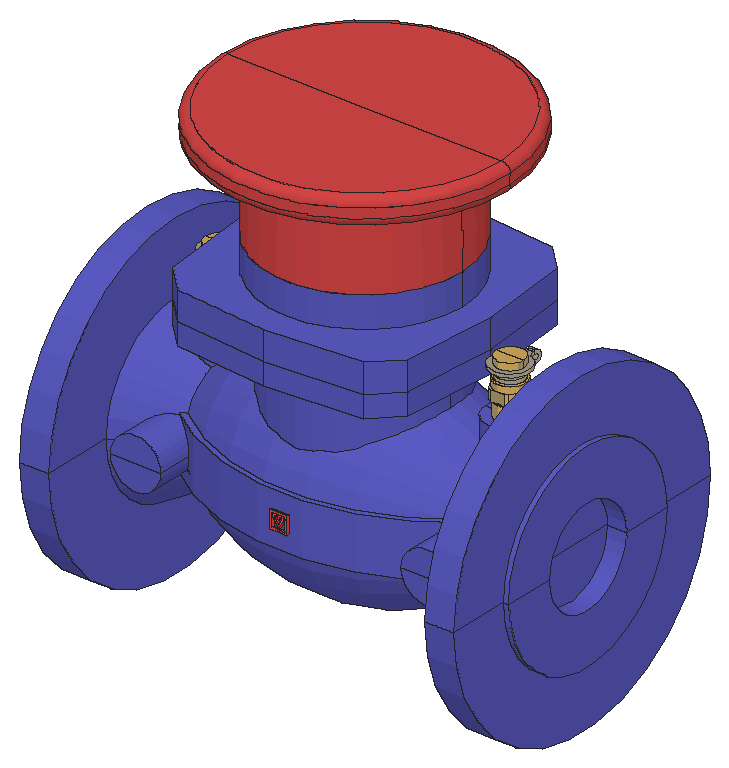
Revit family "HERZ Strömax Балансировочный клапан с измерительными клапанами, шпиндель прямой 4218 GF", category Rohrzubehör, Revit 2018
Family settings
  Bemaßung runder Anschluss = Durchmesser verwenden
  Teiletyp = Unterbricht
  OmniClass-Nummer = 23.65.55.14
  OmniClass-Titel = Valves for Liquid Services
  Arbeitsebenenbasiert = Nein
  Immer vertikal = Ja
  Beim Laden mit Abzugskörper schneiden = Nein
  Gemeinsam genutzt = Nein
Parameters
  Среда = "Допускается использование этилен- и пропиленгликоля в концентрации смеси 25-50% объема.\r\nКачество теплоносителя согласно ÖNORM H 5195 и VDI 2035."
  Область применения = "Для гидравлической балансировки в системах отопления или охлаждения, регулирования и перекрытия трубопроводов, стояков, теплообменников, тепловых и холодильных регистров."
  Номер заказа [instance] = size_lookup("4218_GF_", "Artnr", 0, Nennweite)  # 1421880
  Мин. рабочая температура = -10 °C  # constant formula
  Макс. рабочее давление = 1600000.0 Pa  # constant formula
  Макс. рабочая температура = 110 °C  # constant formula
  Корпус = "чугун GJL 250 по EN 1561"  # constant formula
  Исполнение = "Балансировочный клапан STRÖMAX-GF с измерительными клапанами DN 50 - 300:\r\nПрямой шпиндель, корпус из серого чугуна GJL 250 по EN 1561, фланец согласно EN 1092, PN 16, окрашен в синий цвет.\r\nБукса из серого чугуна GJL 250, с неподнимающимся шпинделем, уплотнение шпинделя с помощью тройного кольцевого уплотнения Цифровой указатель ступеней предварительной настройки."
  Измерение перепада давления = "Балансировочный клапан Strömax GF оборудован двумя измерительными клапанами:\r\nпри использовании соответствующего измерительного прибора можно измерить перепад давления и благодаря этому можно соответственно определить расход в зависимости от степени настройки.\r\nКроме того, с HERZ измерительного компьютера можно непосредственно считывать показания расхода (см. инструкцию).\r\nПри использовании этиленгликоля, как средства от замерзания, меняется плотность теплоносителя, которую обязательно необходимо учитывать при измерениях перепада давления."
  Букса = "чугун GJL 250 по EN 1561"  # constant formula
  kvs-значения [instance] = if(Nennweite = 50.00 mm, 34.96, if(Nennweite = 65.00 mm, 66.94, if(Nennweite = 80.00 mm, 106.78, if(Nennweite = 100.00 mm, 169.45, if(Nennweite = 125.00 mm, 255.79, if(Nennweite = 150.00 mm, 389.54, if(Nennweite = 200.00 mm, 676.33, if(Nennweite = 250.00 mm, 1082.72, if(Nennweite = 300.00 mm, 1784.91, 0)))))))))  # 34.96
  Счетное устройство = "пластмасса"  # constant formula
  W02 = 60.00°  # constant formula
  W01 = 85.00°  # constant formula
  Кегель клапана = "чугун GJL 250 по EN 1561/ EPDM с покрытием"  # constant formula
  S01 [instance] = Nennweite + 10.00 mm  # 60.00 mm
  Регулировочный шпиндель = "латунь / нержавеющая сталь"  # constant formula
  Шпиндель (DN50 - DN100) = "латунь"  # constant formula
  O-Ring = "EPDM"  # constant formula
  URL = "www.herz-armaturen.ru"
  SCRNSEQ = "ARM;ARM_TYP=\"STRV\";2"
  SCRNCODE = "05;07;02"  # constant formula
  R02 [instance] = size_lookup("4218_GF_", "R2", 1.00 mm, Nennweite)  # 12.50 mm
  R01 [instance] = size_lookup("4218_GF_", "R1", 1.00 mm, Nennweite)  # 13.00 mm
  Шпиндель (DN125 - DN300) = "нержавеющая сталь"  # constant formula
  Nennweite [instance] = 50.00 mm
  L04 [instance] = size_lookup("4218_GF_", "L4", 1.00 mm, Nennweite)  # 75.00 mm
  L03 [instance] = if(Nennweite = 50.00 mm, 48.00 mm, if(Nennweite = 65.00 mm, 52.00 mm, if(Nennweite = 80.00 mm, 60.00 mm, if(Nennweite = 100.00 mm, 75.00 mm, 15.00 mm))))  # 48.00 mm
  L02 [instance] = size_lookup("4218_GF_", "L2", 1.00 mm, Nennweite)  # 75.00 mm
  L01 [instance] = size_lookup("4218_GF_", "L1", 1.00 mm, Nennweite)  # 70.00 mm
  L00 [instance] = size_lookup("4218_GF_", "L", 1.00 mm, Nennweite)  # 230.00 mm
  Hersteller = "HERZ Armaturen Ges.m.b.H."  # constant formula
  H09 [instance] = H08 + H02  # 109.00 mm
  H08 [instance] = size_lookup("4218_GF_", "H8", 1.00 mm, Nennweite)  # 31.00 mm
  H07 [instance] = H02 + H06  # 93.00 mm
  H06 [instance] = size_lookup("4218_GF_", "H6", 1.00 mm, Nennweite)  # 15.00 mm
  H05 [instance] = size_lookup("4218_GF_", "H5", 1.00 mm, Nennweite)  # 51.50 mm
  H04 [instance] = H02 - H03  # 67.00 mm
  H03 [instance] = size_lookup("4218_GF_", "H3", 1.00 mm, Nennweite)  # 11.00 mm
  H02 [instance] = size_lookup("4218_GF_", "H2", 1.00 mm, Nennweite)  # 78.00 mm
  H01 [instance] = size_lookup("4218_GF_", "H1", 1.00 mm, Nennweite)  # 54.00 mm
  GT = 10.00 mm  # constant formula
  FLL02 [instance] = size_lookup("4218_GF_", "FLL2", 1.00 mm, Nennweite)  # 15.00 mm
  FLL01 [instance] = size_lookup("4218_GF_", "FLL1", 1.00 mm, Nennweite)  # 3.00 mm
  FLD03 [instance] = size_lookup("4218_GF_", "FLD3", 1.00 mm, Nennweite)  # 30.20 mm
  FLD02 [instance] = size_lookup("4218_GF_", "FLD2", 1.00 mm, Nennweite)  # 46.00 mm
  FLD01 [instance] = size_lookup("4218_GF_", "FLD1", 1.00 mm, Nennweite)  # 51.00 mm
  FLD00 [instance] = size_lookup("4218_GF_", "FLD", 1.00 mm, Nennweite)  # 82.50 mm
  DN80-DN100 [instance] = or(Nennweite = 80.00 mm, Nennweite = 100.00 mm)  # no
  DN80 [instance] = Nennweite = 80.00 mm  # no
  DN65 [instance] = Nennweite = 65.00 mm  # no
  DN50-DN65 [instance] = or(Nennweite = 50.00 mm, Nennweite = 65.00 mm)  # yes
  DN50-DN100 [instance] = or(Nennweite = 50.00 mm, Nennweite = 65.00 mm, Nennweite = 80.00 mm, Nennweite = 100.00 mm)  # yes
  DN50 [instance] = Nennweite = 50.00 mm  # yes
  DN300 [instance] = Nennweite = 300.00 mm  # no
  DN250 [instance] = Nennweite = 250.00 mm  # no
  DN200-DN300 [instance] = or(Nennweite = 200.00 mm, Nennweite = 250.00 mm, Nennweite = 300.00 mm)  # no
  DN200 [instance] = Nennweite = 200.00 mm  # no
  DN150 [instance] = Nennweite = 150.00 mm  # no
  DN125-DN300 [instance] = or(Nennweite = 125.00 mm, Nennweite = 150.00 mm, Nennweite = 200.00 mm, Nennweite = 250.00 mm, Nennweite = 300.00 mm)  # no
  DN125-DN150 [instance] = or(Nennweite = 125.00 mm, Nennweite = 150.00 mm)  # no
  DN125 [instance] = Nennweite = 125.00 mm  # no
  DN100 [instance] = Nennweite = 100.00 mm  # no
  D03 [instance] = size_lookup("4218_GF_", "D3", 1.00 mm, Nennweite)  # 50.50 mm
  D02 [instance] = size_lookup("4218_GF_", "D2", 1.00 mm, Nennweite)  # 65.00 mm
  D01 [instance] = size_lookup("4218_GF_", "D1", 1.00 mm, Nennweite)  # 44.50 mm
  D00 [instance] = size_lookup("4218_GF_", "D", 1.00 mm, Nennweite)  # 54.00 mm
  BH02 [instance] = -BH01  # -13.50 mm
  BH01 [instance] = size_lookup("4218_GF_", "BH1", 1.00 mm, Nennweite)  # 13.50 mm
  Anschluss [instance] = Nennweite / 2  # 25.00 mm
Reference planes
  plane 1 "Mitte (Vorne/hinten)": y = 0
  plane 2: z = 0
  plane 3 "Mitte (Links/rechts)": x = 0
Forms (mm)
  Revolve 1, solid, material "Herz-Marineblau", detail levels fine
    sketch origin (1058.943, 0, 0) x (1, 0, 0) y (0, 1, 0)
      loop
        line (-1170.943, 82.5) -> (-1170.943, 51) -> (-1173.943, 51) -> (-1173.943, 25) -> (-1163.943, 25) -> (-1163.943, 0) -> (-953.943, 0) -> (-953.943, 25) -> (-943.943, 25) -> (-943.943, 51) -> (-946.943, 51) -> (-946.943, 82.5) -> (-961.943, 82.5) -> (-961.943, 46) -> (-988.943, 30.2)
        arc (-988.943, 30.2) -> (-1058.943, 54) -> (-1128.943, 30.2) r 114.841
        line (-1128.943, 30.2) -> (-1155.943, 46) -> (-1155.943, 82.5) -> (-1170.943, 82.5)
      axis (-1173.943, 0) -> (-943.943, 0)
    angle from 0 to 360
  Revolve 2, solid, material "Herz-Marineblau", detail levels fine
    sketch origin (0, 0, 0) x (1, 0, 0) y (0, 1, 0)
      loop
        line (-75, 54) -> (-88, 54) -> (-88, -54) -> (-75, -54) -> (-75, 54)
      axis (-75, 54) -> (-75, -54)
    angle from 0 to 360
  Revolve 3, solid, material "Herz-Marineblau", detail levels fine
    sketch origin (0, 0, 0) x (-1, 0, 0) y (0, 1, 0)
      loop
        line (-75, 54) -> (-88, 54) -> (-88, -54) -> (-75, -54) -> (-75, 54)
      axis (-75, 54) -> (-75, -54)
    angle from 0 to 360
  Revolve 4, solid, material "Herz-Marineblau", visible <- "DN125-DN300", detail levels fine
    sketch origin (0, 0, 0) x (1, 0, 0) y (0, 0, 1)
      loop
        line (0, 0) -> (0, 78) -> (-65, 78) -> (-65, 67) -> (-44.5, 67) -> (-44.5, 0) -> (0, 0)
      axis (0, 78) -> (0, 0)
    angle from 0 to 360
  Revolve 5, solid, material "Herz-Marineblau", visible <- "DN50-DN100", detail levels fine
    sketch origin (0, 0, 0) x (1, 0, 0) y (0, 0, 1)
      loop
        line (0, 0) -> (0, 67) -> (-44.5, 67) -> (-44.5, 0) -> (0, 0)
      axis (0, 67) -> (0, 0)
    angle from 0 to 360
  Extrusion 6, solid, material "Herz-Marineblau", visible <- "DN50-DN100", detail levels fine
    sketch origin (0, 0, 0) x (1, 0, 0) y (0, 1, 0)
      loop
        line (0, 65) -> (-48, 60.801) -> (-60.801, 48) -> (-65, 0) -> (-60.801, -48) -> (-48, -60.801) -> (0, -65) -> (48, -60.801) -> (60.801, -48) -> (65, 0) -> (60.801, 48) -> (48, 60.801) -> (0, 65)
    from 67 <- "H04" to 78 <- "H02"
  Revolve 7, solid, material "Herz-Marineblau", detail levels fine
    sketch origin (0, 0, 0) x (1, 0, 0) y (0, 0, 1)
      loop
        line (-75, 0) -> (-75, 51.5) -> (-87.5, 51.5) -> (-87.5, 0) -> (-75, 0)
      axis (-75, 51.5) -> (-75, 0)
    angle from 0 to 360
  Revolve 8, solid, material "Herz-Marineblau", detail levels fine
    sketch origin (0, 0, 0) x (-1, 0, 0) y (0, 0, 1)
      loop
        line (-75, 0) -> (-75, 51.5) -> (-87.5, 51.5) -> (-87.5, 0) -> (-75, 0)
      axis (-75, 51.5) -> (-75, 0)
    angle from 0 to 360
  Extrusion 9, solid, material "Herz-Marineblau", visible <- "DN50", detail levels fine
    sketch origin (0, 0, 0) x (1, 0, 0) y (0, 1, 0)
      loop
        line (-75, 27.444) -> (-75, -27.444)
        arc (-75, -27.444) -> (0, -55) -> (75, -27.444) r 115.842
        line (75, -27.444) -> (75, 27.444)
        arc (75, 27.444) -> (0, 55) -> (-75, 27.444) r 115.842
    from -13.5 <- "BH02" to 13.5 <- "BH01"
  Extrusion 10, solid, material "Herz-Marineblau", visible <- "DN65", detail levels fine
    sketch origin (0, 0, 0) x (1, 0, 0) y (0, 1, 0)
      loop
        arc (-89, -45.667) -> (0, -68.022) -> (89, -45.667) r 188.34
        line (89, -45.667) -> (89, 45.667)
        arc (89, 45.667) -> (0, 68.022) -> (-89, 45.667) r 188.34
        line (-89, 45.667) -> (-89, -45.667)
    from -13.5 <- "BH02" to 13.5 <- "BH01"
  Extrusion 11, solid, material "Herz-Marineblau", visible <- "DN80", detail levels fine
    sketch origin (0, 0, 0) x (1, 0, 0) y (0, 1, 0)
      loop
        arc (-100, -48.604) -> (0, -75.01) -> (100, -48.604) r 202.557
        line (100, -48.604) -> (100, 48.604)
        arc (100, 48.604) -> (0, 75.01) -> (-100, 48.604) r 202.557
        line (-100, 48.604) -> (-100, -48.604)
    from -13.5 <- "BH02" to 13.5 <- "BH01"
  Extrusion 12, solid, material "Herz-Marineblau", visible <- "DN100", detail levels fine
    sketch origin (0, 0, 0) x (1, 0, 0) y (0, 1, 0)
      loop
        arc (-118, -60.889) -> (0, -83.721) -> (118, -60.889) r 316.34
        line (118, -60.889) -> (118, 60.889)
        arc (118, 60.889) -> (0, 83.721) -> (-118, 60.889) r 316.34
        line (-118, 60.889) -> (-118, -60.889)
    from -13.5 <- "BH02" to 13.5 <- "BH01"
  Extrusion 13, solid, material "Herz-Marineblau", visible <- "DN125", detail levels fine
    sketch origin (0, 0, 0) x (1, 0, 0) y (0, 1, 0)
      loop
        arc (-140, -75.261) -> (0, -118.541) -> (140, -75.261) r 248.073
        line (140, -75.261) -> (140, 75.261)
        arc (140, 75.261) -> (0, 118.541) -> (-140, 75.261) r 248.073
        line (-140, 75.261) -> (-140, -75.261)
    from -13.5 <- "BH02" to 13.5 <- "BH01"
  Extrusion 14, solid, material "Herz-Marineblau", visible <- "DN150", detail levels fine
    sketch origin (0, 0, 0) x (1, 0, 0) y (0, 1, 0)
      loop
        arc (-170, -94.727) -> (0, -138.5) -> (170, -94.727) r 352.003
        line (170, -94.727) -> (170, 94.727)
        arc (170, 94.727) -> (0, 138.5) -> (-170, 94.727) r 352.003
        line (-170, 94.727) -> (-170, -94.727)
    from -13.5 <- "BH02" to 13.5 <- "BH01"
  Extrusion 15, solid, material "Herz-Marineblau", visible <- "DN200", detail levels fine
    sketch origin (0, 0, 0) x (1, 0, 0) y (0, 1, 0)
      loop
        arc (-200, -127.319) -> (0, -163.032) -> (200, -127.319) r 577.879
        line (200, -127.319) -> (200, 127.319)
        arc (200, 127.319) -> (0, 163.032) -> (-200, 127.319) r 577.879
        line (-200, 127.319) -> (-200, -127.319)
    from -13.5 <- "BH02" to 13.5 <- "BH01"
  Extrusion 16, solid, material "Herz-Marineblau", visible <- "DN250", detail levels fine
    sketch origin (0, 0, 0) x (1, 0, 0) y (0, 1, 0)
      loop
        arc (-250, -153.89) -> (0, -191.531) -> (250, -153.89) r 849.033
        line (250, -153.89) -> (250, 153.89)
        arc (250, 153.89) -> (0, 191.531) -> (-250, 153.89) r 849.033
        line (-250, 153.89) -> (-250, -153.89)
    from -13.5 <- "BH02" to 13.5 <- "BH01"
  Extrusion 17, solid, material "Herz-Marineblau", visible <- "DN300", detail levels fine
    sketch origin (0, 0, 0) x (1, 0, 0) y (0, 1, 0)
      loop
        arc (-300, -192.377) -> (0, -268.099) -> (300, -192.377) r 632.133
        line (300, -192.377) -> (300, 192.377)
        arc (300, 192.377) -> (0, 268.099) -> (-300, 192.377) r 632.133
        line (-300, 192.377) -> (-300, -192.377)
    from -13.5 <- "BH02" to 13.5 <- "BH01"
  Extrusion 18, solid, material "Herz-Marineblau", visible <- "DN50-DN100", detail levels fine
    sketch origin (0, 0, 0) x (1, 0, 0) y (0, 1, 0)
      loop
        line (0, 65) -> (-48, 60.801) -> (-60.801, 48) -> (-65, 0) -> (-60.801, -48) -> (-48, -60.801) -> (0, -65) -> (48, -60.801) -> (60.801, -48) -> (65, 0) -> (60.801, 48) -> (48, 60.801) -> (0, 65)
    from 78 <- "H02" to 93 <- "H07"
  Revolve 19, solid, material "Herz-Marineblau", visible <- "DN125-DN300", detail levels fine
    sketch origin (0, 0, 0) x (1, 0, 0) y (0, 0, 1)
      loop
        line (0, 78) -> (0, 109) -> (-50.5, 109) -> (-50.5, 93) -> (-65, 93) -> (-65, 78) -> (0, 78)
      axis (0, 109) -> (0, 78)
    angle from 0 to 360
  Revolve 20, solid, material "Herz-Marineblau", visible <- "DN50-DN100", detail levels fine
    sketch origin (0, 0, 0) x (1, 0, 0) y (0, 0, 1)
      loop
        line (0, 93) -> (0, 109) -> (-50.5, 109) -> (-50.5, 93) -> (0, 93)
      axis (0, 109) -> (0, 93)
    angle from 0 to 360
Lines and regions (mm)
  model lines, detail levels coarse+medium
    curve 1: line (-115, 0, 82.5) -> (-115, 0, -82.5)
    curve 2: line (-115, 0, -82.5) -> (115, 0, 82.5)
    curve 3: line (115, 0, 82.5) -> (115, 0, -82.5)
    curve 4: line (115, 0, -82.5) -> (-115, 0, 82.5)
    curve 5: line (0, 0, 0) -> (62.931, 0, 109)
    curve 6: line (36.95, 0, 124) -> (88.912, 0, 94)
    curve 7: line (-115, 82.5, 0) -> (-115, -82.5, 0)
    curve 8: line (-115, -82.5, 0) -> (115, 82.5, 0)
    curve 9: line (115, 82.5, 0) -> (115, -82.5, 0)
    curve 10: line (115, -82.5, 0) -> (-115, 82.5, 0)
    curve 11: line (0, 0, 0) -> (62.931, 109, 0)
    curve 12: line (36.95, 124, 0) -> (88.912, 94, 0)
Dimensions and locks
  "FLD00": plane 1 "Mitte (Vorne/hinten)" to Revolve 1 sketch curve
  "FLD01": plane 1 "Mitte (Vorne/hinten)" to Revolve 1 sketch curve
  "FLD02": plane 1 "Mitte (Vorne/hinten)" to Revolve 1 sketch curve  (x2)
  "FLD03": plane 1 "Mitte (Vorne/hinten)" to Revolve 1 sketch curve  (x2)
  "GT": Revolve 1 sketch curve to Revolve 1 sketch curve  (x2)
  "FLL01": Revolve 1 sketch curve to Revolve 1 sketch curve  (x2)
  "FLL02": Revolve 1 sketch curve to Revolve 1 sketch curve  (x2)
  equal spacing: Revolve 1 sketch curve, plane 3 "Mitte (Links/rechts)", Revolve 1 sketch curve
  "Anschluss": Revolve 1 sketch curve to plane 1 "Mitte (Vorne/hinten)"
  "Anschluss": plane 1 "Mitte (Vorne/hinten)" to Revolve 1 sketch curve
  "FLD01": Revolve 1 sketch curve to plane 1 "Mitte (Vorne/hinten)"
  "FLD00": Revolve 1 sketch curve to plane 1 "Mitte (Vorne/hinten)"
  "L00": Revolve 1 sketch curve to Revolve 1 sketch curve
  "D00": plane 1 "Mitte (Vorne/hinten)" to Revolve 1 sketch curve
  "L01": Revolve 1 sketch curve to plane 3 "Mitte (Links/rechts)" to Revolve 1 sketch curve
  "L02": Revolve 2 sketch curve to plane 3 "Mitte (Links/rechts)"
  "R01": Revolve 2 sketch curve to Revolve 2 sketch curve
  "H01": Revolve 2 sketch curve to plane 1 "Mitte (Vorne/hinten)" to Revolve 2 sketch curve
  "L02": plane 3 "Mitte (Links/rechts)" to Revolve 3 sketch curve
  "R01": Revolve 3 sketch curve to Revolve 3 sketch curve
  "H01": Revolve 3 sketch curve to plane 1 "Mitte (Vorne/hinten)" to Revolve 3 sketch curve
  "H02": Revolve 4 sketch curve to plane 2
  "D01": Revolve 4 sketch curve to Revolve 4 sketch curve
  "D02": Revolve 4 sketch curve to Revolve 4 sketch curve
  "H03": Revolve 4 sketch curve to Revolve 4 sketch curve
  "H04": Revolve 5 sketch curve to plane 2
  "D01": Revolve 5 sketch curve to Revolve 5 sketch curve
  "D02": Extrusion 6 sketch curve to plane 3 "Mitte (Links/rechts)" to Extrusion 6 sketch curve
  "D02": Extrusion 6 sketch curve to plane 1 "Mitte (Vorne/hinten)" to Extrusion 6 sketch curve
  "L03": Extrusion 6 sketch curve to plane 3 "Mitte (Links/rechts)"  (x2)
  "L03": plane 3 "Mitte (Links/rechts)" to Extrusion 6 sketch curve  (x2)
  "L03": plane 1 "Mitte (Vorne/hinten)" to Extrusion 6 sketch curve  (x2)
  "L03": Extrusion 6 sketch curve to plane 1 "Mitte (Vorne/hinten)"  (x2)
  "L04": plane 3 "Mitte (Links/rechts)" to Revolve 7 sketch curve
  "R02": Revolve 7 sketch curve to Revolve 7 sketch curve
  "H05": Revolve 7 sketch curve to plane 2
  "R02": Revolve 8 sketch curve to Revolve 8 sketch curve
  "L04": Revolve 8 sketch curve to plane 3 "Mitte (Links/rechts)"
  "H05": Revolve 8 sketch curve to plane 2
  "L04": plane 3 "Mitte (Links/rechts)" to nested 1
  "L04": nested 2 to plane 3 "Mitte (Links/rechts)"
  "H05": nested 1 to plane 2
  "H05": nested 2 to plane 2
  "L03": Extrusion 18 sketch curve to plane 3 "Mitte (Links/rechts)"  (x2)
  "L03": plane 3 "Mitte (Links/rechts)" to Extrusion 18 sketch curve  (x2)
  "L03": plane 1 "Mitte (Vorne/hinten)" to Extrusion 18 sketch curve  (x2)
  "L03": Extrusion 18 sketch curve to plane 1 "Mitte (Vorne/hinten)"  (x2)
  "D02": Extrusion 18 sketch curve to plane 3 "Mitte (Links/rechts)" to Extrusion 18 sketch curve
  "D02": Extrusion 18 sketch curve to plane 1 "Mitte (Vorne/hinten)" to Extrusion 18 sketch curve
  "H02": Revolve 19 sketch curve to plane 2
  "H06": Revolve 19 sketch curve to Revolve 19 sketch curve
  "H08": Revolve 19 sketch curve to Revolve 19 sketch curve
  "D03": Revolve 19 sketch curve to Revolve 19 sketch curve
  "D02": Revolve 19 sketch curve to Revolve 19 sketch curve
  "D03": Revolve 20 sketch curve to Revolve 20 sketch curve
  "H07": Revolve 20 sketch curve to plane 2
  "H08": Revolve 20 sketch curve to Extrusion 18
  "H09": nested 12 to plane 2
  "H09": nested 13 to plane 2
  "H09": nested 14 to plane 2
  "H09": nested 15 to plane 2
  "FLD00": curve 4 to plane 2 to curve 2
  "FLD00": curve 3 to plane 2 to curve 4
  equal spacing: curve 1, plane 3 "Mitte (Links/rechts)", curve 3
  "L00": curve 1 to curve 3
  "H09": curve 5 to plane 2
  equal spacing: curve 1, curve 5, curve 3
  equal spacing: curve 6, curve 5, curve 6
  "S01": curve 6 to curve 6
  "FLD00": curve 8 to plane 1 "Mitte (Vorne/hinten)" to curve 10
  "FLD00": curve 10 to plane 1 "Mitte (Vorne/hinten)" to curve 9
  equal spacing: curve 7, plane 3 "Mitte (Links/rechts)", curve 9
  "L00": curve 7 to curve 9
  equal spacing: curve 7, curve 11, curve 9
  "H09": plane 1 "Mitte (Vorne/hinten)" to curve 11
  equal spacing: curve 12, curve 11, curve 12
  "S01": curve 12 to curve 12
  "W01": angle Extrusion 6 sketch curve to plane 3 "Mitte (Links/rechts)"  (x2)
  "W01": angle plane 3 "Mitte (Links/rechts)" to Extrusion 6 sketch curve  (x2)
  "W01": angle Extrusion 6 sketch curve to plane 1 "Mitte (Vorne/hinten)"  (x2)
  "W01": angle plane 1 "Mitte (Vorne/hinten)" to Extrusion 6 sketch curve  (x2)
  "W01": angle plane 1 "Mitte (Vorne/hinten)" to Extrusion 18 sketch curve  (x2)
  "W01": angle Extrusion 18 sketch curve to plane 1 "Mitte (Vorne/hinten)"  (x2)
  "W01": angle Extrusion 18 sketch curve to plane 3 "Mitte (Links/rechts)"  (x2)
  "W01": angle plane 3 "Mitte (Links/rechts)" to Extrusion 18 sketch curve  (x2)
  "W02": angle plane 2 to curve 5
  "W02": angle plane 1 "Mitte (Vorne/hinten)" to curve 11
  aligned and locked: level to plane 2
Automatic sketch dimensions
  Extrusion 9 sketch curve to plane 3 "Mitte (Links/rechts)" = 0.00 mm  (x2)
  Extrusion 9 sketch curve to plane 1 "Mitte (Vorne/hinten)" = 27.444 mm  (x2)
  Extrusion 9 sketch curve to plane 3 "Mitte (Links/rechts)" = 75.00 mm
  plane 1 "Mitte (Vorne/hinten)" to Extrusion 9 sketch curve = 60.843 mm
  Extrusion 9 sketch curve to plane 1 "Mitte (Vorne/hinten)" = 60.843 mm
  plane 1 "Mitte (Vorne/hinten)" to Extrusion 9 sketch curve = 27.444 mm
  Extrusion 10 sketch curve to plane 3 "Mitte (Links/rechts)" = 0.00 mm  (x2)
  plane 1 "Mitte (Vorne/hinten)" to Extrusion 10 sketch curve = 45.667 mm
  Extrusion 10 sketch curve to plane 3 "Mitte (Links/rechts)" = 89.00 mm
  Extrusion 10 sketch curve to Extrusion 10 sketch curve = 74.651 mm
  Extrusion 10 sketch curve to plane 1 "Mitte (Vorne/hinten)" = 120.318 mm
  Extrusion 10 sketch curve to plane 1 "Mitte (Vorne/hinten)" = 45.667 mm  (x2)
  Extrusion 11 sketch curve to plane 3 "Mitte (Links/rechts)" = 0.00 mm  (x2)
  plane 1 "Mitte (Vorne/hinten)" to Extrusion 11 sketch curve = 48.604 mm  (x2)
  Extrusion 11 sketch curve to plane 3 "Mitte (Links/rechts)" = 100.00 mm
  Extrusion 11 sketch curve to Extrusion 11 sketch curve = 78.943 mm
  Extrusion 11 sketch curve to plane 1 "Mitte (Vorne/hinten)" = 127.547 mm
  Extrusion 11 sketch curve to plane 1 "Mitte (Vorne/hinten)" = 48.604 mm
  Extrusion 12 sketch curve to plane 3 "Mitte (Links/rechts)" = 0.00 mm  (x2)
  Extrusion 12 sketch curve to plane 1 "Mitte (Vorne/hinten)" = 60.889 mm  (x2)
  Extrusion 12 sketch curve to plane 3 "Mitte (Links/rechts)" = 118.00 mm
  plane 1 "Mitte (Vorne/hinten)" to Extrusion 12 sketch curve = 232.619 mm
  Extrusion 12 sketch curve to Extrusion 12 sketch curve = 171.731 mm
  plane 1 "Mitte (Vorne/hinten)" to Extrusion 12 sketch curve = 60.889 mm
  Extrusion 13 sketch curve to plane 3 "Mitte (Links/rechts)" = 0.00 mm  (x2)
  Extrusion 13 sketch curve to plane 1 "Mitte (Vorne/hinten)" = 75.261 mm  (x2)
  Extrusion 13 sketch curve to plane 3 "Mitte (Links/rechts)" = 140.00 mm
  plane 1 "Mitte (Vorne/hinten)" to Extrusion 13 sketch curve = 129.532 mm
  Extrusion 13 sketch curve to plane 1 "Mitte (Vorne/hinten)" = 129.532 mm
  plane 1 "Mitte (Vorne/hinten)" to Extrusion 13 sketch curve = 75.261 mm
  Extrusion 14 sketch curve to plane 3 "Mitte (Links/rechts)" = 0.00 mm  (x2)
  plane 1 "Mitte (Vorne/hinten)" to Extrusion 14 sketch curve = 94.727 mm  (x2)
  Extrusion 14 sketch curve to plane 3 "Mitte (Links/rechts)" = 170.00 mm
  Extrusion 14 sketch curve to Extrusion 14 sketch curve = 118.776 mm
  Extrusion 14 sketch curve to plane 1 "Mitte (Vorne/hinten)" = 213.503 mm
  Extrusion 14 sketch curve to plane 1 "Mitte (Vorne/hinten)" = 94.727 mm
  Extrusion 15 sketch curve to plane 3 "Mitte (Links/rechts)" = 0.00 mm  (x2)
  Extrusion 15 sketch curve to plane 1 "Mitte (Vorne/hinten)" = 127.319 mm  (x2)
  Extrusion 15 sketch curve to plane 3 "Mitte (Links/rechts)" = 200.00 mm
  plane 1 "Mitte (Vorne/hinten)" to Extrusion 15 sketch curve = 414.847 mm
  Extrusion 15 sketch curve to Extrusion 15 sketch curve = 287.528 mm
  plane 1 "Mitte (Vorne/hinten)" to Extrusion 15 sketch curve = 127.319 mm
  Extrusion 16 sketch curve to plane 3 "Mitte (Links/rechts)" = 0.00 mm  (x2)
  Extrusion 16 sketch curve to plane 1 "Mitte (Vorne/hinten)" = 153.89 mm  (x2)
  Extrusion 16 sketch curve to plane 3 "Mitte (Links/rechts)" = 250.00 mm
  plane 1 "Mitte (Vorne/hinten)" to Extrusion 16 sketch curve = 657.503 mm
  Extrusion 16 sketch curve to Extrusion 16 sketch curve = 503.613 mm
  plane 1 "Mitte (Vorne/hinten)" to Extrusion 16 sketch curve = 153.89 mm
  Extrusion 17 sketch curve to plane 3 "Mitte (Links/rechts)" = 0.00 mm  (x2)
  Extrusion 17 sketch curve to plane 1 "Mitte (Vorne/hinten)" = 192.377 mm  (x2)
  Extrusion 17 sketch curve to plane 3 "Mitte (Links/rechts)" = 300.00 mm
  plane 1 "Mitte (Vorne/hinten)" to Extrusion 17 sketch curve = 364.034 mm
  Extrusion 17 sketch curve to Extrusion 17 sketch curve = 171.657 mm
  plane 1 "Mitte (Vorne/hinten)" to Extrusion 17 sketch curve = 192.377 mm
  plane 1 "Mitte (Vorne/hinten)" to Revolve 1 sketch curve = 0.00 mm  (x2)
  Revolve 1 sketch curve to Revolve 1 sketch curve = 35.00 mm
  Revolve 1 sketch curve to Revolve 1 sketch curve = 30.00 mm
  Revolve 2 sketch curve to Revolve 2 sketch curve = 0.00 mm  (x3)
  Revolve 3 sketch curve to Revolve 3 sketch curve = 0.00 mm  (x3)
  Revolve 4 sketch curve to level = 0.00 mm
  Revolve 4 sketch curve to plane 3 "Mitte (Links/rechts)" = 0.00 mm  (x2)
  Revolve 4 sketch curve to Revolve 4 sketch curve = 366.045 mm
  Revolve 4 sketch curve to Revolve 4 sketch curve = 2169.315 mm
  Revolve 5 sketch curve to level = 0.00 mm
  Revolve 5 sketch curve to plane 3 "Mitte (Links/rechts)" = 0.00 mm  (x2)
  Revolve 5 sketch curve to Revolve 5 sketch curve = 366.045 mm
  Revolve 5 sketch curve to Revolve 5 sketch curve = 2147.315 mm
  Extrusion 6 sketch curve to plane 3 "Mitte (Links/rechts)" = 0.00 mm  (x2)
  plane 1 "Mitte (Vorne/hinten)" to Extrusion 6 sketch curve = 0.00 mm  (x2)
  Revolve 7 sketch curve to level = 0.00 mm  (x2)
  Revolve 7 sketch curve to Revolve 7 sketch curve = 0.00 mm  (x2)
  Revolve 8 sketch curve to level = 0.00 mm  (x2)
  Revolve 8 sketch curve to Revolve 8 sketch curve = 0.00 mm  (x2)
  Extrusion 18 sketch curve to plane 3 "Mitte (Links/rechts)" = 0.00 mm  (x2)
  plane 1 "Mitte (Vorne/hinten)" to Extrusion 18 sketch curve = 0.00 mm  (x2)
  Revolve 19 sketch curve to plane 3 "Mitte (Links/rechts)" = 0.00 mm  (x2)
  Revolve 19 sketch curve to level = 366.045 mm
  Revolve 19 sketch curve to Revolve 19 sketch curve = 2105.315 mm
  Revolve 20 sketch curve to plane 3 "Mitte (Links/rechts)" = 0.00 mm  (x2)
  Revolve 20 sketch curve to level = 366.045 mm
  Revolve 20 sketch curve to Revolve 20 sketch curve = 2105.315 mm
Nested families
  nested 1: "Messstutzen_Band_Eintritt_senkrecht_(oben)" at (-75, 0, 42.5), type "Messstutzen_Band_Eintritt_senkrecht_(oben)", detail levels fine
    with Schutzkappe yes, Nennweite 0.00 mm, Gewicht 0.00 kg, Bestellnummer 0
  nested 2: "Messstutzen_Band_Austritt_senkrecht_(oben)" at (75, 0, 42.5), type "Messstutzen_Band_Austritt_senkrecht_(oben)", detail levels fine
    with Schutzkappe yes, Nennweite 0.00 mm, Gewicht 0.00 kg, Bestellnummer 0
  nested 3: "Herz-Logo-vorne" at (0, -55, 0) x (0, 1, 0) z (0, 0, 1), visible <- "DN50", type "Herz-Logo-vorne", detail levels fine
  nested 4: "Herz-Logo-vorne" at (0, -68.004, 0) x (0, 1, 0) z (0, 0, 1), visible <- "DN65", type "Herz-Logo-vorne", detail levels fine
  nested 5: "Herz-Logo-vorne" at (0, -74.992, 0) x (0, 1, 0) z (0, 0, 1), visible <- "DN80", type "Herz-Logo-vorne", detail levels fine
  nested 6: "Herz-Logo-vorne" at (0, -83.721, 0) x (0, 1, 0) z (0, 0, 1), visible <- "DN100", type "Herz-Logo-vorne", detail levels fine
  nested 7: "Herz-Logo-vorne" at (0, -118.541, 0) x (0, 1, 0) z (0, 0, 1), visible <- "DN125", type "Herz-Logo-vorne", detail levels fine
  nested 8: "Herz-Logo-vorne" at (0, -138.5, 0) x (0, 1, 0) z (0, 0, 1), visible <- "DN150", type "Herz-Logo-vorne", detail levels fine
  nested 9: "Herz-Logo-vorne" at (0, -163.032, 0) x (0, 1, 0) z (0, 0, 1), visible <- "DN200", type "Herz-Logo-vorne", detail levels fine
  nested 10: "Herz-Logo-vorne" at (0, -191.513, 0) x (0, 1, 0) z (0, 0, 1), visible <- "DN250", type "Herz-Logo-vorne", detail levels fine
  nested 11: "Herz-Logo-vorne" at (0, -268.082, 0) x (0, 1, 0) z (0, 0, 1), visible <- "DN300", type "Herz-Logo-vorne", detail levels fine
  nested 12: "Strangregulierventil-Handrad_VOLL-Gerade (Rot) DN50-DN65" at (0, 0, 109), visible <- "DN50-DN65", type "Strangregulierventil-Handrad_VOLL-Gerade (Rot) DN50-DN65", detail levels fine
  nested 13: "Strangregulierventil-Handrad_VOLL-Gerade (Rot) DN80-DN100" at (0, 0, 109), visible <- "DN80-DN100", type "Strangregulierventil-Handrad_VOLL-Gerade (Rot) DN80-DN100", detail levels fine
  nested 14: "Strangregulierventil-Handrad_VOLL-Gerade (Rot) DN125-DN150" at (0, 0, 109), visible <- "DN125-DN150", type "Strangregulierventil-Handrad_VOLL-Gerade (Rot) DN125-DN150", detail levels fine
  nested 15: "Strangregulierventil-Handrad_VOLL-Gerade (Rot) DN200-DN300" at (0, 0, 109), visible <- "DN200-DN300", type "Strangregulierventil-Handrad_VOLL-Gerade (Rot) DN200-DN300", detail levels fine
    with DN300 yes
Connectors
  piping at (-115, 0, 0), diameter 50, driven by "Nennweite"
    settings: on Revolve 1, index 1, connector inside diameter 609.6 mm, connector length 0.00 mm, flow factor 0, pipe flow 0.0 L/s, pressure drop 0.0 Pa, fitting loss kfactor 0, connector angle 0.00°, fixture units 0, engagement length 0.00 mm, angle of deflection 0.00°, flow configuration 0, flow direction 1, fitting loss method 0, system type 29, joint type 0, gender type 0, connector reference index -1, connector utility 0, adjustable connector no, is connector primary yes, connector description ""
  piping at (115, 0, 0), diameter 50, driven by "Nennweite"
    settings: on Revolve 1, index 2, connector inside diameter 609.6 mm, connector length 0.00 mm, flow factor 0, pipe flow 0.0 L/s, pressure drop 0.0 Pa, fitting loss kfactor 0, connector angle 0.00°, fixture units 0, engagement length 0.00 mm, angle of deflection 0.00°, flow configuration 0, flow direction 2, fitting loss method 0, system type 29, joint type 0, gender type 0, connector reference index -1, connector utility 0, adjustable connector no, is connector primary no, connector description ""
Definition of nested family "Messstutzen_Band_Eintritt_senkrecht_(oben)"
  Parameters (values of type "Messstutzen_Band_Eintritt_senkrecht_(oben)")
    URL = "www.herz-armaturen.at"
    Schutzkappe [instance] = yes
    Nennweite [instance] = 0.00 mm
    Manufacturer = "Herz Armaturen GmbH"  # constant formula
    Gewicht [instance] = 0.00 kg
    Bestellnummer [instance] = 0
  Reference planes
    plane 1 "Mitte (Vorne/hinten)": y = 0
    plane 2: z = 0
    plane 3 "Mitte (Links/rechts)": x = 0
    plane 4 "Schlaufe 1": z = -27
    plane 5 "Schlaufe 2": z = -31.678
  Forms (mm)
    Revolve 1, solid, detail levels fine
      sketch origin (0, 0, 0) x (1, 0, 0) y (0, 0, 1)
        loop
          line (-7.4, 9) -> (-5.55, 9) -> (-5.55, 6)
          arc (-5.55, 6) -> (-5.626, 5.617) -> (-5.843, 5.293) r 1
          line (-5.843, 5.293) -> (-6.455, 4.681) -> (-6.455, 0.9) -> (-5.555, 0) -> (-2, 0) -> (-2, 17.5) -> (-8.4, 17.5)
          arc (-8.4, 17.5) -> (-7.693, 17.207) -> (-7.4, 16.5) r 1
          line (-7.4, 16.5) -> (-7.4, 9)
        loop
          line (-3.7, 27) -> (-7.3, 27) -> (-7.9, 26.4) -> (-7.9, 23) -> (-2, 23) -> (-2, 35.8) -> (-3.805, 35.8) -> (-4.415, 35.19) -> (-4.415, 30.863) -> (-3.7, 30.45) -> (-3.7, 27)
        axis (0, 0) -> (0, 35.8)
      angle from 0 to 360
    Extrusion 2, solid, detail levels fine
      sketch origin (0, 0, 17.5) x (0, 1, 0) y (-1, 0, 0)
        loop
          arc (-7.07, 5.156) -> (-7.578, 4.375) -> (-8, 3.544) r 8.75
          line (-8, 3.544) -> (-8, -3.544)
          arc (-8, -3.544) -> (-7.578, -4.375) -> (-7.07, -5.156) r 8.75
          line (-7.07, -5.156) -> (-0.93, -8.7)
          arc (-0.93, -8.7) -> (0, -8.75) -> (0.93, -8.7) r 8.75
          line (0.93, -8.7) -> (7.07, -5.156)
          arc (7.07, -5.156) -> (7.578, -4.375) -> (8, -3.544) r 8.75
          line (8, -3.544) -> (8, 3.544)
          arc (8, 3.544) -> (7.578, 4.375) -> (7.07, 5.156) r 8.75
          line (7.07, 5.156) -> (0.93, 8.7)
          arc (0.93, 8.7) -> (0, 8.75) -> (-0.93, 8.7) r 8.75
          line (-0.93, 8.7) -> (-7.07, 5.156)
      from 0 to 5.5
    Revolve 3, solid, visible <- "Schutzkappe", detail levels fine
      sketch origin (0, 0, 0) x (1, 0, 0) y (0, 0, 1)
        loop
          line (0, 35.878) -> (0, 36.678) -> (-7, 36.678) -> (-7, 33.378) -> (-6.1, 33.378) -> (-6.1, 31.678) -> (-6.9, 31.678) -> (-6.9, 30.178) -> (-4.415, 30.178) -> (-4.415, 35.268) -> (-3.805, 35.878) -> (0, 35.878)
        axis (0, 30.178) -> (0, 36.678)
      angle from 0 to 360
    Extrusion 4, solid, detail levels fine
      sketch origin (0, 0, 28.5) x (1, 0, 0) y (0, 1, 0)
        loop
          circle (0, 0) r 3.7
        loop
          arc (-3.906, 5.505) -> (0, -6.75) -> (3.906, 5.505) r 6.75
          arc (3.906, 5.505) -> (2.358, 7.288) -> (1.8, 9.582) r 5
          line (1.8, 9.582) -> (-1.8, 9.582)
          arc (-1.8, 9.582) -> (-2.358, 7.288) -> (-3.906, 5.505) r 5
      from 0 to -1.5
    Extrusion 5, solid, detail levels fine
      sketch origin (0, 0, 33.178) x (1, 0, 0) y (0, 1, 0)
        loop
          circle (0, 0) r 6.1
        loop
          arc (-4.495, 8.652) -> (0, -9.75) -> (4.495, 8.652) r 9.75
          arc (4.495, 8.652) -> (2.527, 10.493) -> (1.8, 13.089) r 5
          line (1.8, 13.089) -> (-1.8, 13.089)
          arc (-1.8, 13.089) -> (-2.527, 10.493) -> (-4.495, 8.652) r 5
      from 0 to -1.5
    Sweep 6, solid, detail levels fine
      path origin (0, 0, 0) x (0, 0, -1) y (0, -1, 0)
        loop
          line (-27.75, -9.582) -> (-27.75, -14.522)
          arc (-27.75, -14.522) -> (-30.089, -16.862) -> (-32.428, -14.522) r 2.339
          line (-32.428, -14.522) -> (-32.428, -13.089)
      profile origin (0, 12.052, 27.75) x (0, 0, 1) y (1, 0, 0)
        loop
          line (-0.75, -1.8) -> (0.75, -1.8) -> (0.75, 1.8) -> (-0.75, 1.8) -> (-0.75, -1.8)
  Dimensions and locks
    aligned and locked: level to plane 2
Definition of nested family "Messstutzen_Band_Austritt_senkrecht_(oben)"
  Parameters (values of type "Messstutzen_Band_Austritt_senkrecht_(oben)")
    URL = "www.herz-armaturen.at"
    Schutzkappe [instance] = yes
    Nennweite [instance] = 0.00 mm
    Manufacturer = "Herz Armaturen GmbH"  # constant formula
    Gewicht [instance] = 0.00 kg
    Bestellnummer [instance] = 0
  Reference planes
    plane 1 "Mitte (Vorne/hinten)": y = 0
    plane 2: z = 0
    plane 3 "Mitte (Links/rechts)": x = 0
    plane 4 "Schlaufe 1": z = -27
    plane 5 "Schlaufe 2": z = -31.678
  Forms (mm)
    Revolve 1, solid, detail levels fine
      sketch origin (0, 0, 0) x (1, 0, 0) y (0, 0, 1)
        loop
          line (-7.4, 9) -> (-5.55, 9) -> (-5.55, 6)
          arc (-5.55, 6) -> (-5.626, 5.617) -> (-5.843, 5.293) r 1
          line (-5.843, 5.293) -> (-6.455, 4.681) -> (-6.455, 0.9) -> (-5.555, 0) -> (-2, 0) -> (-2, 17.5) -> (-8.4, 17.5)
          arc (-8.4, 17.5) -> (-7.693, 17.207) -> (-7.4, 16.5) r 1
          line (-7.4, 16.5) -> (-7.4, 9)
        loop
          line (-3.7, 27) -> (-7.3, 27) -> (-7.9, 26.4) -> (-7.9, 23) -> (-2, 23) -> (-2, 35.8) -> (-3.805, 35.8) -> (-4.415, 35.19) -> (-4.415, 30.863) -> (-3.7, 30.45) -> (-3.7, 27)
        axis (0, 0) -> (0, 35.8)
      angle from 0 to 360
    Extrusion 2, solid, detail levels fine
      sketch origin (0, 0, 17.5) x (0, 1, 0) y (-1, 0, 0)
        loop
          arc (-7.07, 5.156) -> (-7.578, 4.375) -> (-8, 3.544) r 8.75
          line (-8, 3.544) -> (-8, -3.544)
          arc (-8, -3.544) -> (-7.578, -4.375) -> (-7.07, -5.156) r 8.75
          line (-7.07, -5.156) -> (-0.93, -8.7)
          arc (-0.93, -8.7) -> (0, -8.75) -> (0.93, -8.7) r 8.75
          line (0.93, -8.7) -> (7.07, -5.156)
          arc (7.07, -5.156) -> (7.578, -4.375) -> (8, -3.544) r 8.75
          line (8, -3.544) -> (8, 3.544)
          arc (8, 3.544) -> (7.578, 4.375) -> (7.07, 5.156) r 8.75
          line (7.07, 5.156) -> (0.93, 8.7)
          arc (0.93, 8.7) -> (0, 8.75) -> (-0.93, 8.7) r 8.75
          line (-0.93, 8.7) -> (-7.07, 5.156)
      from 0 to 5.5
    Revolve 3, solid, visible <- "Schutzkappe", detail levels fine
      sketch origin (0, 0, 0) x (1, 0, 0) y (0, 0, 1)
        loop
          line (0, 35.878) -> (0, 36.678) -> (-7, 36.678) -> (-7, 33.378) -> (-6.1, 33.378) -> (-6.1, 31.678) -> (-6.9, 31.678) -> (-6.9, 30.178) -> (-4.415, 30.178) -> (-4.415, 35.268) -> (-3.805, 35.878) -> (0, 35.878)
        axis (0, 30.178) -> (0, 36.678)
      angle from 0 to 360
    Extrusion 4, solid, detail levels fine
      sketch origin (0, 0, 28.5) x (1, 0, 0) y (0, 1, 0)
        loop
          circle (0, 0) r 3.7
        loop
          arc (-3.906, 5.505) -> (0, -6.75) -> (3.906, 5.505) r 6.75
          arc (3.906, 5.505) -> (2.358, 7.288) -> (1.8, 9.582) r 5
          line (1.8, 9.582) -> (-1.8, 9.582)
          arc (-1.8, 9.582) -> (-2.358, 7.288) -> (-3.906, 5.505) r 5
      from 0 to -1.5
    Extrusion 5, solid, detail levels fine
      sketch origin (0, 0, 33.178) x (1, 0, 0) y (0, 1, 0)
        loop
          circle (0, 0) r 6.1
        loop
          arc (-4.495, 8.652) -> (0, -9.75) -> (4.495, 8.652) r 9.75
          arc (4.495, 8.652) -> (2.527, 10.493) -> (1.8, 13.089) r 5
          line (1.8, 13.089) -> (-1.8, 13.089)
          arc (-1.8, 13.089) -> (-2.527, 10.493) -> (-4.495, 8.652) r 5
      from 0 to -1.5
    Sweep 6, solid, detail levels fine
      path origin (0, 0, 0) x (0, 0, -1) y (0, -1, 0)
        loop
          line (-27.75, -9.582) -> (-27.75, -14.522)
          arc (-27.75, -14.522) -> (-30.089, -16.862) -> (-32.428, -14.522) r 2.339
          line (-32.428, -14.522) -> (-32.428, -13.089)
      profile origin (0, 12.052, 27.75) x (0, 0, 1) y (1, 0, 0)
        loop
          line (-0.75, -1.8) -> (0.75, -1.8) -> (0.75, 1.8) -> (-0.75, 1.8) -> (-0.75, -1.8)
  Dimensions and locks
    aligned and locked: level to plane 2
Definition of nested family "Herz-Logo-vorne"
  Reference planes
    plane 1 "Mitte (Vorne/hinten)": y = 0
    plane 2: z = 0
    plane 3 "Mitte (Links/rechts)": x = 0
  Forms (mm)
    Extrusion 1, solid
      sketch origin (0.732, -0.018, 0.017) x (0, -1, 0) y (0, 0, 1)
        loop
          line (-0.018, -4.517) -> (4.482, -4.517) -> (4.482, 4.483) -> (-4.518, 4.483) -> (-4.518, -4.517) -> (-0.018, -4.517)
        loop
          line (-0.05, -3.48) -> (3.482, -3.48) -> (3.482, 3.483) -> (-3.518, 3.483) -> (-3.518, -3.48) -> (-0.05, -3.48)
        loop
          arc (-0.018, 2.383) -> (-1.543, 3.287) -> (-3.067, 2.383) r 1.738
          arc (-3.067, 2.383) -> (-3.191, 1.899) -> (-3.067, 1.415) r 1.009
          line (-3.067, 1.415) -> (-0.018, -3.281) -> (3.032, 1.415)
          arc (3.032, 1.415) -> (3.156, 1.899) -> (3.032, 2.383) r 1.009
          arc (3.032, 2.383) -> (1.507, 3.287) -> (-0.018, 2.383) r 1.738
        loop
          arc (1.885, 1.272) -> (2.005, 1.675) -> (1.885, 2.079) r 0.74
          arc (1.885, 2.079) -> (1.265, 2.416) -> (0.644, 2.079) r 0.74
          line (0.644, 2.079) -> (-0.018, 0.97) -> (-0.679, 2.079)
          arc (-0.679, 2.079) -> (-1.3, 2.416) -> (-1.921, 2.079) r 0.74
          arc (-1.921, 2.079) -> (-2.04, 1.675) -> (-1.921, 1.272) r 0.74
          line (-1.921, 1.272) -> (-0.018, -1.658) -> (1.885, 1.272)
      from 0 to 1.5
  Dimensions and locks
    aligned and locked: level to plane 2
Definition of nested family "Strangregulierventil-Handrad_VOLL-Gerade (Rot) DN50-DN65"
  Reference planes
    plane 1 "Mitte (Vorne/hinten)": y = 0
    plane 2: z = 0
    plane 3 "Mitte (Links/rechts)": x = 0
  Forms (mm)
    Revolve 1, solid, detail levels fine
      sketch origin (0, 0, 0) x (1, 0, 0) y (0, 0, 1)
        loop
          line (0, 0) -> (0, 58.3) -> (-70.5, 58.3)
          arc (-70.5, 58.3) -> (-73.682, 56.982) -> (-75, 53.8) r 4.5
          line (-75, 53.8) -> (-75, 48.8)
          arc (-75, 48.8) -> (-73.682, 45.618) -> (-70.5, 44.3) r 4.5
          line (-70.5, 44.3) -> (-65.5, 44.3)
          arc (-65.5, 44.3) -> (-62.318, 45.618) -> (-61, 48.8) r 4.5
          line (-61, 48.8) -> (-61, 51.3) -> (-49.831, 51.3) -> (-49.831, 38.3) -> (-50.5, 0) -> (0, 0)
        axis (0, 58.3) -> (0, 0)
      angle from 0 to 360
  Dimensions and locks
    aligned and locked: level to plane 2
Definition of nested family "Strangregulierventil-Handrad_VOLL-Gerade (Rot) DN80-DN100"
  Reference planes
    plane 1 "Mitte (Vorne/hinten)": y = 0
    plane 2: z = 0
    plane 3 "Mitte (Links/rechts)": x = 0
  Forms (mm)
    Revolve 1, solid, detail levels fine
      sketch origin (0, 0, 0) x (1, 0, 0) y (0, 0, 1)
        loop
          line (0, 0) -> (0, 61.3) -> (-83, 61.3)
          arc (-83, 61.3) -> (-86.182, 59.982) -> (-87.5, 56.8) r 4.5
          line (-87.5, 56.8) -> (-87.5, 51.8)
          arc (-87.5, 51.8) -> (-86.182, 48.618) -> (-83, 47.3) r 4.5
          line (-83, 47.3) -> (-78, 47.3)
          arc (-78, 47.3) -> (-74.818, 48.618) -> (-73.5, 51.8) r 4.5
          line (-73.5, 51.8) -> (-73.5, 54.3) -> (-49.831, 54.3) -> (-49.831, 38.3) -> (-50.5, 0) -> (0, 0)
        axis (0, 61.3) -> (0, 0)
      angle from 0 to 360
    Extrusion 2, void
      sketch origin (0, 0, 0) x (1, 0, 0) y (0, 1, 0)
        loop
          arc (-9, 72.947) -> (-63.653, 36.75) -> (-67.674, -28.679) r 73.5
          line (-67.674, -28.679) -> (-47.534, -17.052)
          arc (-47.534, -17.052) -> (-43.734, 25.25) -> (-9, 49.692) r 50.5
          line (-9, 49.692) -> (-9, 72.947)
        loop
          line (9, 72.947) -> (9, 49.692)
          arc (9, 49.692) -> (43.734, 25.25) -> (47.534, -17.052) r 50.5
          line (47.534, -17.052) -> (67.674, -28.679)
          arc (67.674, -28.679) -> (63.653, 36.75) -> (9, 72.947) r 73.5
        loop
          arc (-58.674, -44.268) -> (0, -73.5) -> (58.674, -44.268) r 73.5
          line (58.674, -44.268) -> (38.534, -32.64)
          arc (38.534, -32.64) -> (0, -50.5) -> (-38.534, -32.64) r 50.5
          line (-38.534, -32.64) -> (-58.674, -44.268)
      from 30 to 62
  Cuts and joins
    Extrusion 2 cuts Revolve 1
  Dimensions and locks
    Revolve 1 sketch curve to plane 2 = 61.30 mm
    aligned and locked: level to plane 2
Definition of nested family "Strangregulierventil-Handrad_VOLL-Gerade (Rot) DN125-DN150"
  Reference planes
    plane 1 "Mitte (Vorne/hinten)": y = 0
    plane 2: z = 0
    plane 3 "Mitte (Links/rechts)": x = 0
  Forms (mm)
    Revolve 1, solid, detail levels fine
      sketch origin (0, 0, 0) x (1, 0, 0) y (0, 0, 1)
        loop
          line (0, 0) -> (0, 61.3) -> (-128, 61.3)
          arc (-128, 61.3) -> (-131.182, 59.982) -> (-132.5, 56.8) r 4.5
          line (-132.5, 56.8) -> (-132.5, 50.8)
          arc (-132.5, 50.8) -> (-131.182, 47.618) -> (-128, 46.3) r 4.5
          line (-128, 46.3) -> (-122, 46.3)
          arc (-122, 46.3) -> (-118.818, 47.618) -> (-117.5, 50.8) r 4.5
          line (-117.5, 50.8) -> (-117.5, 54.3) -> (-49.831, 54.3) -> (-49.831, 38.3) -> (-50.5, 0) -> (0, 0)
        axis (0, 61.3) -> (0, 0)
      angle from 0 to 360
    Extrusion 2, void
      sketch origin (0, 0, 0) x (1, 0, 0) y (0, 1, 0)
        loop
          arc (10, 49.5) -> (43.734, 25.25) -> (47.868, -16.09) r 50.5
          line (47.868, -16.09) -> (106.389, -49.877)
          arc (106.389, -49.877) -> (101.758, 58.75) -> (10, 117.074) r 117.5
          line (10, 117.074) -> (10, 49.5)
        loop
          line (-10, 49.5) -> (-10, 117.074)
          arc (-10, 117.074) -> (-101.758, 58.75) -> (-106.389, -49.877) r 117.5
          line (-106.389, -49.877) -> (-47.868, -16.09)
          arc (-47.868, -16.09) -> (-43.734, 25.25) -> (-10, 49.5) r 50.5
        loop
          line (-37.868, -33.41) -> (-96.389, -67.197)
          arc (-96.389, -67.197) -> (0, -117.5) -> (96.389, -67.197) r 117.5
          line (96.389, -67.197) -> (37.868, -33.41)
          arc (37.868, -33.41) -> (0, -50.5) -> (-37.868, -33.41) r 50.5
      from 30 to 65
  Cuts and joins
    Extrusion 2 cuts Revolve 1
  Dimensions and locks
    Revolve 1 sketch curve to plane 2 = 61.30 mm
    Revolve 1 sketch curve to Revolve 1 sketch curve = 15.00 mm  (x2)
    Revolve 1 sketch curve to Revolve 1 sketch curve = 132.50 mm
    aligned and locked: level to plane 2
Definition of nested family "Strangregulierventil-Handrad_VOLL-Gerade (Rot) DN200-DN300"
  Parameters (values of type "Strangregulierventil-Handrad_VOLL-Gerade (Rot) DN200-DN300")
    DN300 [instance] = yes
  Reference planes
    plane 1 "Mitte (Vorne/hinten)": y = 0
    plane 2: z = 0
    plane 3 "Mitte (Links/rechts)": x = 0
  Forms (mm)
    Revolve 1, solid, detail levels fine
      sketch origin (0, 0, 0) x (1, 0, 0) y (0, 0, 1)
        loop
          line (0, 0) -> (0, 56) -> (-75, 56) -> (-75, 0) -> (0, 0)
        loop
          line (-225, 103) -> (-225, 87) -> (-189, 87) -> (-189, 103)
          arc (-189, 103) -> (-207, 121) -> (-225, 103) r 18
        axis (0, 103) -> (0, 0)
      angle from 0 to 360
    Revolve 2, solid, detail levels fine
      sketch origin (0, 0, 0) x (1, 0, 0) y (0, 0, 1)
        loop
          line (4.685, 43.097) -> (199.688, 96.124) -> (196.539, 107.704) -> (1.536, 54.677) -> (4.685, 43.097)
        axis (4.685, 43.097) -> (199.688, 96.124)
      angle from 0 to 360
    Revolve 3, solid, detail levels fine
      sketch origin (0, 0, 0) x (0.309017, -0.951057, 0) y (0, 0, -1)
        loop
          line (4.685, -43.097) -> (1.536, -54.677) -> (196.539, -107.704) -> (199.688, -96.124) -> (4.685, -43.097)
        axis (4.685, -43.097) -> (199.688, -96.124)
      angle from 0 to 360
    Revolve 4, solid, detail levels fine
      sketch origin (0, 0, 0) x (-0.809017, -0.587785, 0) y (0, 0, 1)
        loop
          line (4.685, 43.097) -> (199.688, 96.124) -> (196.539, 107.704) -> (1.536, 54.677) -> (4.685, 43.097)
        axis (4.685, 43.097) -> (199.688, 96.124)
      angle from 0 to 360
    Revolve 5, solid, detail levels fine
      sketch origin (0, 0, 0) x (-0.809017, 0.587785, 0) y (0, 0, -1)
        loop
          line (4.685, -43.097) -> (1.536, -54.677) -> (196.539, -107.704) -> (199.688, -96.124) -> (4.685, -43.097)
        axis (4.685, -43.097) -> (199.688, -96.124)
      angle from 0 to 360
    Revolve 6, solid, detail levels fine
      sketch origin (0, 0, 0) x (0.309017, 0.951057, 0) y (0, 0, 1)
        loop
          line (4.685, 43.097) -> (199.688, 96.124) -> (196.539, 107.704) -> (1.536, 54.677) -> (4.685, 43.097)
        axis (4.685, 43.097) -> (199.688, 96.124)
      angle from 0 to 360
  Dimensions and locks
    Revolve 1 sketch curve to plane 2 = 121.00 mm
    Revolve 1 sketch curve to Revolve 1 sketch curve = 56.00 mm
    aligned and locked: level to plane 2
